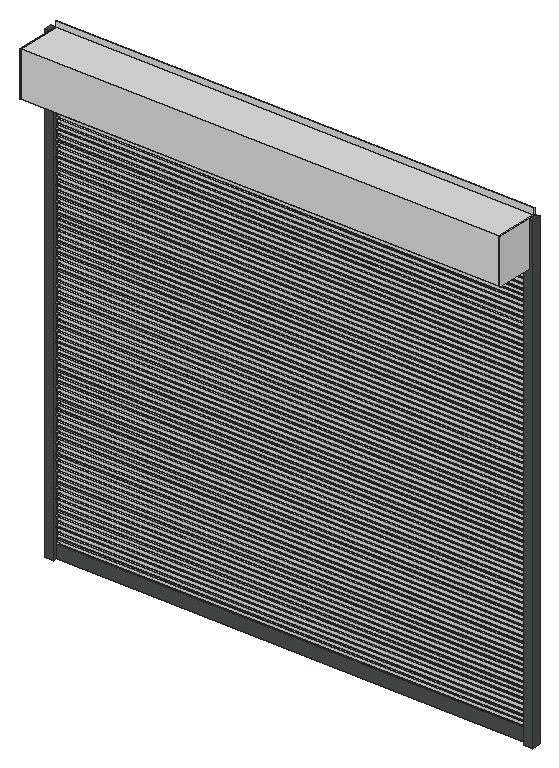
Revit family "Counter-Doors_OHD_Model-652_compact", category Specialty Equipment, host Wall, Revit 2023
Family settings
  Host = Wall
  Round Connector Dimension = Use Diameter
  Part Type = Normal
  OmniClass Number = 23.30.10.21.34
  OmniClass Title = Industrial Doors
  Enable Cutting in Views = No
  Always vertical = Yes
  Cut with Voids When Loaded = Yes
  Maintain Annotation Orientation = No
  Shared = No
  Room Calculation Point = No
Parameters (values of type "‏​Manual push-up")
  Warning Sign [instance] = if(Calculated Area > 683.00 SF, 1 = 1, 1 = 2)  # no
  Warning (Note) [instance] = if(Warning Sign, "The Door Area is out of the limit; please adjust accordingly. The maximum allowed area is 683 sq. ft.", if(Opening Height > 360", "Headroom Clearance Dimensions - out of the limits. Consult Factory", " "))  # " "
  Wall Thickness [instance] = 6"
  Voltage = 0 V
  Version = "1.00.01"  # constant formula
  True Opening Width [instance] = if(Between Jambs Mounting, Door Width True, Clear Width)  # 120"
  True Opening Height [instance] = if(Between Jambs Mounting, Clear Height + Headroom Height, Clear Height)  # 108"
  Steel \ Stainless Steel Guide [instance] = not(Aluminum Guide)  # no
  Slat Type [instance] = "F-158"  # constant formula
  Slat Length [instance] = Clear Width + Setback  # 120 7/8"
  Slat Height [instance] = 10 41/128"  # constant formula
  Slat Center Offset [instance] = if(and(Electric Operator, Motor Option Real = 2), 1 1/16", if(Aluminum Guide, 1 1/16", 1 5/8"))  # 1 1/16"
  Slat [instance] = 1  # constant formula
  Setback [instance] = if(Between Jambs Mounting, if(and(Electric Operator, Motor Option Real = 2), 7/8" - 1/4", if(Aluminum Guide, 7/8" - 1/4", 1" - 3/8")), if(and(Electric Operator, Motor Option Real = 2), 7/8", if(Aluminum Guide, 7/8", 1")))  # 7/8"
  Product Page URL = "https://www.overheaddoor.com/counter-doors-652"
  Power Factor = 1
  Powder Coat (Note) = "PowderGuard® Premium powder coat finish options are available in approximately 200 colors as well as custom matching to specification. PowderGuard® Textured finish, a thicker, more scratch resistant coat, is available in 11 colors providing enhanced scratch resistance as well as aiding in hiding the dirt and blemishes that often occur in commercial environments.​"  # constant formula
  Operator Visibility = no
  Operation (Note) [instance] = "Standard door operation is manual push-up. Door could also operate by crank, electrical operator or chain hoist. Manual push up and crank could be used up to 80 sf."  # constant formula
  Opening Width Real [instance] = if(Opening Width > Max Opening Width, Max Opening Width, if(Opening Width < Min Opening Width, Min Opening Width, Opening Width))  # 120"
  Opening Width [instance] = 120"
  Opening Height Real [instance] = if(Opening Height > Max Opening Height, Max Opening Height, if(Opening Height < Min Opening Height, Min Opening Height, Opening Height))  # 108"
  Opening Height [instance] = 108"
  One Array element [instance] = not(Array Vis)  # no
  Number of Poles = 1
  Motor Type [instance] = if(Motor Option < 2, "CDX Electric Operator", if(Motor Option = 2, "RTM Electric Operator", "RSX Electric Operator"))  # "CDX Electric Operator"
  Motor Selection (Note) [instance] = "Generic operator shown. Contact Overhead Door when dimensions are critical. "  # constant formula
  Motor Position [instance] = if(Between Jambs Mounting, if(and(Electric Operator, Motor Option Real > 2), 2 177/256", Headplate Offset), if(and(Electric Operator, Motor Option Real > 2), 2 177/256", Headplate Offset))  # 1 5/8"
  Motor Option Real [instance] = if(Electric Operator, if(Motor Option < 1, 1, if(Motor Option > 3, 3, Motor Option)), 1)  # 1
  Motor Option [instance] = 1
  Min Opening Width [instance] = 40"  # constant formula
  Min Opening Height [instance] = 40"  # constant formula
  Max Opening Width [instance] = 240"  # constant formula
  Max Opening Height [instance] = 108"  # constant formula
  Material Finish [instance] = 652 : Standard - Clear
  Lookup Table = "Hood Dimensions"  # constant formula
  Lookup BD [instance] = if(or(Opening Height Real < 60", Opening Height Real = 60"), 9 1/2", 11 1/2")  # 11 1/2"
  Jambs Offset 2 [instance] = if(Between Jambs Mounting, Guide Width 2, 0")  # 0"
  Jamb Offset 1 [instance] = if(Between Jambs Mounting, Guide Width 1, 0")  # 0"
  Installation Real [instance] = if(Between Jambs Mounting, Installation Limits, Wall Thickness)  # 6"
  Installation Offset [instance] = 0"
  Installation Limits [instance] = if(Installation Offset < 0", 0", if(Installation Offset > Wall Thickness - Guide Depth, Wall Thickness - Guide Depth, Installation Offset))  # 0"
  Hood Type [instance] = "Square Hood"  # constant formula
  Hood Option [instance] = 2  # constant formula
  Hood Offset [instance] = 2"  # constant formula
  Hood Material [instance] = Aluminum - Overhead Door - Clear
  Hood Height [instance] = Headroom Height Real - Hood Offset  # 11 1/2"
  Lookup HH [instance] = if(or(Opening Height Real < 60", Opening Height Real = 60"), 9 1/2", 11 1/2")  # 11 1/2"
  Headroom Height Real [instance] = Lookup HH + Hood Offset  # 13 1/2"
  Headroom Height [instance] = if(Between Jambs Mounting, Headroom Height Real, Headroom Height Real + 1 1/2")  # 15"
  Headplate Offset [instance] = if(Guide Option = 1, 1 5/8", if(Guide Option = 2, 2 3/4", if(Guide Option = 3, 1 15/16", if(Guide Option = 4, 1 5/16", if(Guide Option = 5, 1 5/16", if(Guide Option = 6, 2 3/8", if(Guide Option = 7, 1 15/16", 2 7/16")))))))  # 1 5/8"
  Guide Type [instance] = if(Guide Option < 2, "Face of Wall Extruded Aluminum", if(Guide Option = 2, "Face of Wall Extruded Aluminum - RTM Electric Operator", if(Guide Option = 3, "Face of Wall Rolled Steel", if(Guide Option = 4, "Between Jambs Extruded Aluminum - Push Up", if(Guide Option = 5, "Between Jambs Extruded Aluminum - Crank & Electric Operator", if(Guide Option = 6, "Between Jambs Extruded Aluminum - RTM Electric Operator", if(Guide Option = 7, "Between Jambs Rolled Steel - Push-up", "Between Jambs Rolled Steel - Crank & Electric Operator")))))))  # "Face of Wall Extruded Aluminum"
  Guide Option [instance] = if(Face Of Wall Mounting, if(Aluminum Guide, if(and(Electric Operator, Motor Option = 2), 2, 1), if(and(Electric Operator, Motor Option = 2), 2, 3)), if(Aluminum Guide, if(Manual, 4, if(and(Electric Operator, Motor Option = 2), 6, 5)), if(Manual, 7, if(and(Electric Operator, Motor Option = 2), 6, 8))))  # 1
  Guide Width 2 [instance] = if(Guide Option < 2, 2 3/4", if(Guide Option = 2, 2 3/4", if(Guide Option = 3, 2 7/8", if(Guide Option = 4, 2 3/8", if(Guide Option = 5, 2 3/8", if(Guide Option = 6, 2 3/8", if(Guide Option = 7, 1 15/16", 1 15/16")))))))  # 2 3/4"
  Guide Width 1 [instance] = if(Guide Option < 2, 2 3/4", if(Guide Option = 2, 3 5/8", if(Guide Option = 3, 2 7/8", if(Guide Option = 4, 2 3/8", if(Guide Option = 5, 4 3/4", if(Guide Option = 6, 3 3/8", if(Guide Option = 7, 1 15/16", 5 5/8")))))))  # 2 3/4"
  Guide Depth [instance] = if(and(Electric Operator, Motor Option Real = 2), 2 1/8", if(Aluminum Guide, 2 1/8", 2"))  # 2 1/8"
  Frequency = 0 Hz
  Floor To CL shaft [instance] = Clear Height + Hood Height / 2 + Hood Offset  # 115 3/4"
  Face of Wall Offset [instance] = if(Between Jambs Mounting, 0", 5")  # 5"
  Face Of Wall Mounting [instance] = not(Between Jambs Mounting)  # yes
  Electric Operator = no
  Door Width True [instance] = if(Between Jambs Mounting, Clear Width + Guide Width 1 + Guide Width 2, Clear Width)  # 120"
  Door Width (Real) [instance] = if(Between Jambs Mounting, Clear Width, if(and(Electric Operator, Motor Option Real = 2), Clear Width + 3/8" * 2, if(Aluminum Guide, Clear Width + 3/8" * 2, Clear Width + 1" / 2)))  # 120 3/4"
  Door Height True [instance] = Clear Width + Headroom Height  # 135"
  Door Height (Real) [instance] = Clear Height + Hood Offset  # 110"
  URL = "https://www.overheaddoor.com/"
  Product data url = "https://www.bimobject.com/overhead-door/product/counter-doors-652"
  Product Guid = "70aadce8-ccdb-466b-b9f7-033da6aec193"
  Model = "652"  # constant formula
  Manufacturer = "Overhead Door Corporation"  # constant formula
  Wall Closure = By host
  Floor To (CL) of Shaft [instance] = Clear Height + Hood Height / 2 + Hood Offset + Default Elevation Height + Countertop Thickness Real  # 151 3/4"
  Finish Material = Finish - Overhead Door - Black
  Description = "Model 652 Rolling Counter Door"  # constant formula
  Default Elevation Height [instance] = 36"
  Default Elevation = 0"
  Date Updated = "2026/05/29"  # constant formula
  Crank = no
  Countertop Thickness Real [instance] = if(Countertop Thickness < 0", 0", if(Countertop Thickness > 12", 12", Countertop Thickness))  # 0"
  Countertop Thickness [instance] = 0"
  Clear Width [instance] = if(Between Jambs Mounting, Opening Width Real - Guide Width 2 - Guide Width 1, Opening Width Real)  # 120"
  Clear Height [instance] = if(Between Jambs Mounting, Opening Height Real - Headroom Height, Opening Height Real)  # 108"
  Manual = yes
  Current = 0 A
  Connector Array Distance = 0"  # constant formula
  Connector Array = if(Manual, 2, 3)  # 2
  BimObject_Variable_Connectors = "No"  # constant formula
  Between Jambs Mounting [instance] = no
  Bar [instance] = 1 = 1  # yes
  Backroom Depth [instance] = Lookup BD  # 11 1/2"
  BJ Opening Cut [instance] = if(Between Jambs Mounting, Headroom Height, 0")  # 0"
  Array Vis [instance] = if(Array < 2, 1 = 2, 1 = 1)  # yes
  Array Real [instance] = if(Array < 2, 2, Array)  # 11
  Array Length [instance] = (Array) * Slat Height  # 113 67/128"
  Array [instance] = rounddown(([Door Height (Real)] - 3 1/2") / Slat Height) + 1  # 11
  Calculated Area [instance] = [Door Width (Real)] * [Door Height (Real)]  # 92.2396 SF
  Apparent Load Phase 3 = if(Number of Poles = 1, 0 VA, (Voltage * Current * sqrt(3)) / 3)  # 0 VA
  Apparent Load Phase 2 = if(Number of Poles = 1, 0 VA, (Voltage * Current * sqrt(3)) / 3)  # 0 VA
  Apparent Load Phase 1 = if(Number of Poles = 1, Voltage * Current, (Voltage * Current * sqrt(3)) / 3)  # 0 VA
  Aluminum Guide [instance] = yes
Reference planes (in)
  plane 1 "Center (Front/Back)": y = -14.625
  plane 2 "Center (Left/Right)": x = 0
  plane 3 "Left": x = -60
  plane 4 "Right": x = 60
  plane 5 "Exterior": y = -8.625
  plane 6 "Interior": y = -14.625
  plane 7: z = 144
  plane 8 "Backroom Depth": y = -26.125
  plane 9 "Bottom Bar": z = 39.5
  plane 10: z = 153.02344
  plane 11: z = 157.5
  plane 12: z = 146
  plane 13: z = 159
  plane 14: z = 0
  plane 15: z = 90
  plane 16: y = -15.9375
  plane 17: y = 18.375
  plane 18: y = -41.625
  plane 19 "Headroom Top": z = 159
  plane 20: z = 151.75
  plane 21: z = 142.70312
  plane 22: z = 36
  plane 23: x = 62.75
  plane 24: x = -62.75
  plane 25: y = -15.6875
  plane 26: x = 61.625
  plane 27: z = 36
  plane 28: z = 39.5
  plane 29: y = -15.9375
  plane 30: z = 142.70312
  plane 31: y = -15.9375
  plane 32: z = 49.82031
  plane 33: y = -15.9375
  plane 34: z = 60.14062
  plane 35: y = -15.9375
  plane 36: z = 70.46094
  plane 37: y = -15.9375
  plane 38: z = 80.78125
  plane 39: y = -15.9375
  plane 40: z = 91.10156
  plane 41: y = -15.9375
  plane 42: z = 101.42187
  plane 43: y = -15.9375
  plane 44: z = 111.74219
  plane 45: y = -15.9375
  plane 46: z = 122.0625
  plane 47: y = -15.9375
  plane 48: z = 132.38281
  plane 49: y = -15.9375
Forms (in)
  Extrusion 1, void
    sketch origin (0, -20.625, 0) x (0, 0, -1) y (-1, 0, 0)
      loop
        line (-144, 60) -> (-144, -60) -> (-36, -60) -> (-36, 60) -> (-144, 60)
    from 6 to 12
Text (in)
  text "Exterior" at (-74.96733, 27.31104, 0), in view "Ref. Level"
  text "Interior" at (-74.96733, -25.14366, 0), in view "Ref. Level"
  text "Exterior" at (0, 40.15149, 123.01588), in view "Right"
  text "Interior" at (0, -64.39139, 123.01588), in view "Right"
  text "Interior" at (0, -31.01599, 123.00693), in view "Left"
  text "Exterior" at (0, 54.57065, 123.00693), in view "Left"
Dimensions and locks (in)
  equal spacing: plane 3 "Left", plane 2 "Center (Left/Right)", plane 4 "Right"
  "Clear Width": plane 3 "Left" to plane 4 "Right"
  level to host wall = 459.59655"
  "Array Length": plane 10 to plane 9 "Bottom Bar"
  "Backroom Depth": plane 8 "Backroom Depth" to plane 1 "Center (Front/Back)"
  "Hood Height": plane 11 to plane 12
  locked: plane 13 to plane 11 at 1.5
  "Installation Real": plane 1 "Center (Front/Back)" to plane 5 "Exterior"
  "Wall Thickness": host wall to host wall
  equal spacing: plane 17, host wall, plane 18
  locked: plane 17 to plane 18 at 60
  "BJ Opening Cut": Extrusion 1 sketch curve to plane 7
  "Hood Offset": plane 12 to plane 7
  "Headroom Height": plane 19 "Headroom Top" to plane 7
  "Floor To (CL) of Shaft": plane 20 to level
  "Jamb Offset 1": plane 4 "Right" to Extrusion 1 sketch curve
  "Jambs Offset 2": Extrusion 1 sketch curve to plane 3 "Left"
  "Slat Height": plane 10 to plane 21
  equal spacing: group 1, group 3, group 4, group 5, group 6, group 7, group 8, group 9, group 10, group 11, group 2  (x3)
  equal spacing: plane 7, plane 15, plane 22
  "Clear Height": plane 7 to plane 22
  locked: plane 9 "Bottom Bar" to plane 22 at 3.5
  "Guide Width 1": plane 4 "Right" to plane 23
  "Guide Width 2": plane 24 to plane 3 "Left"
  plane 24 to plane 23 = 125 1/2"
  "Slat Center Offset": plane 25 to plane 1 "Center (Front/Back)"
  locked: plane 16 to plane 25 at 0.25
  "Motor Position": plane 4 "Right" to plane 26
  "Default Elevation Height": plane 27 to plane 14
  "Countertop Thickness Real": plane 22 to plane 27
  aligned and locked: plane 5 "Exterior" to host wall
  aligned and locked: host wall to plane 6 "Interior"
  aligned and locked: Extrusion 1 to plane 5 "Exterior"
  aligned and locked: Extrusion 1 to plane 6 "Interior"
  aligned and locked: level to plane 14
  aligned and locked: plane 2 "Center (Left/Right)" to nested 1
  aligned and locked: nested 1 to plane 17
  aligned and locked: plane 18 to nested 2
  aligned and locked: nested 2 to plane 2 "Center (Left/Right)"
  aligned and locked: nested 3 to plane 15
  aligned and locked: plane 2 "Center (Left/Right)" to nested 3
  aligned and locked: plane 9 "Bottom Bar" to nested 5
  aligned and locked: nested 5 to plane 16
  aligned and locked: nested 3 to plane 16
  aligned and locked: plane 2 "Center (Left/Right)" to nested 15
  aligned and locked: plane 1 "Center (Front/Back)" to nested 15
  aligned and locked: plane 26 to nested 16
  aligned and locked: plane 11 to nested 16
  aligned and locked: nested 16 to plane 5 "Exterior"
  aligned and locked: Extrusion 1 sketch curve to plane 27
  aligned and locked: plane 9 "Bottom Bar" to plane 28
  aligned and locked: plane 29 to plane 16
  aligned and locked: plane 21 to plane 30
  aligned and locked: plane 31 to plane 16
Nested families (in)
  nested 1: "Label Annotation 1" at (0, 18.375, 0), visible <- "Warning Sign", type "Label Annotation 1"
  nested 2: "Label Annotation 1" at (0, -41.625, 0) x (-1, 0, 0) z (0, 0, 1), visible <- "Warning Sign", type "Label Annotation 1"
  nested 3: "Warning Sign" at (0, -15.9375, 90), visible <- "Warning Sign", type "Warning Sign"
    with Warning Sign no
  nested 4: "652" at (0, -15.9373, 39.5), Opening Width <- "Slat Length", type <- "Material Finish", visible <- "Array Vis", type "Standard - Clear"
    with Void Offset 1", Void Height 1", Slat Width 1/2", Slat Position + Offset 9.57", Slat Position 9.03", Slat Option 1, Opening Width 120 7/8", Integrated Cutout no, F-158 yes, F 265, FE 265 no, Cutout Width Offset 1", Cutout Vertical Offset 0.54", Cutout Horizontal Offset 1", C 275 no, Standard yes
  nested 5: "652" at (0, -15.9375, 39.5), visible <- "One Array element", Opening Width <- "Slat Length", type <- "Material Finish", type "Standard - Clear"
    with Void Offset 1", Void Height 1", Slat Width 1/2", Slat Position + Offset 9.57", Slat Position 9.03", Slat Option 1, Opening Width 120 7/8", Integrated Cutout no, F-158 yes, F 265, FE 265 no, Cutout Width Offset 1", Cutout Vertical Offset 0.54", Cutout Horizontal Offset 1", C 275 no, Standard yes
  nested 6: "652" at (0, -15.9373, 142.70312), Opening Width <- "Slat Length", type <- "Material Finish", visible <- "Array Vis", type "Standard - Clear"
    with Void Offset 1", Void Height 1", Slat Width 1/2", Slat Position + Offset 9.57", Slat Position 9.03", Slat Option 1, Opening Width 120 7/8", Integrated Cutout no, F-158 yes, F 265, FE 265 no, Cutout Width Offset 1", Cutout Vertical Offset 0.54", Cutout Horizontal Offset 1", C 275 no, Standard yes
  nested 7: "652" at (0, -15.9373, 49.82031), Opening Width <- "Slat Length", type <- "Material Finish", visible <- "Array Vis", type "Standard - Clear"
    with Void Offset 1", Void Height 1", Slat Width 1/2", Slat Position + Offset 9.57", Slat Position 9.03", Slat Option 1, Opening Width 120 7/8", Integrated Cutout no, F-158 yes, F 265, FE 265 no, Cutout Width Offset 1", Cutout Vertical Offset 0.54", Cutout Horizontal Offset 1", C 275 no, Standard yes
  nested 8: "652" at (0, -15.9373, 60.14062), Opening Width <- "Slat Length", type <- "Material Finish", visible <- "Array Vis", type "Standard - Clear"
    with Void Offset 1", Void Height 1", Slat Width 1/2", Slat Position + Offset 9.57", Slat Position 9.03", Slat Option 1, Opening Width 120 7/8", Integrated Cutout no, F-158 yes, F 265, FE 265 no, Cutout Width Offset 1", Cutout Vertical Offset 0.54", Cutout Horizontal Offset 1", C 275 no, Standard yes
  nested 9: "652" at (0, -15.9373, 70.46094), Opening Width <- "Slat Length", type <- "Material Finish", visible <- "Array Vis", type "Standard - Clear"
    with Void Offset 1", Void Height 1", Slat Width 1/2", Slat Position + Offset 9.57", Slat Position 9.03", Slat Option 1, Opening Width 120 7/8", Integrated Cutout no, F-158 yes, F 265, FE 265 no, Cutout Width Offset 1", Cutout Vertical Offset 0.54", Cutout Horizontal Offset 1", C 275 no, Standard yes
  nested 10: "652" at (0, -15.9373, 80.78125), Opening Width <- "Slat Length", type <- "Material Finish", visible <- "Array Vis", type "Standard - Clear"
    with Void Offset 1", Void Height 1", Slat Width 1/2", Slat Position + Offset 9.57", Slat Position 9.03", Slat Option 1, Opening Width 120 7/8", Integrated Cutout no, F-158 yes, F 265, FE 265 no, Cutout Width Offset 1", Cutout Vertical Offset 0.54", Cutout Horizontal Offset 1", C 275 no, Standard yes
  nested 11: "652" at (0, -15.9373, 91.10156), Opening Width <- "Slat Length", type <- "Material Finish", visible <- "Array Vis", type "Standard - Clear"
    with Void Offset 1", Void Height 1", Slat Width 1/2", Slat Position + Offset 9.57", Slat Position 9.03", Slat Option 1, Opening Width 120 7/8", Integrated Cutout no, F-158 yes, F 265, FE 265 no, Cutout Width Offset 1", Cutout Vertical Offset 0.54", Cutout Horizontal Offset 1", C 275 no, Standard yes
  nested 12: "652" at (0, -15.9373, 101.42187), Opening Width <- "Slat Length", type <- "Material Finish", visible <- "Array Vis", type "Standard - Clear"
    with Void Offset 1", Void Height 1", Slat Width 1/2", Slat Position + Offset 9.57", Slat Position 9.03", Slat Option 1, Opening Width 120 7/8", Integrated Cutout no, F-158 yes, F 265, FE 265 no, Cutout Width Offset 1", Cutout Vertical Offset 0.54", Cutout Horizontal Offset 1", C 275 no, Standard yes
  nested 13: "652" at (0, -15.9373, 111.74219), Opening Width <- "Slat Length", type <- "Material Finish", visible <- "Array Vis", type "Standard - Clear"
    with Void Offset 1", Void Height 1", Slat Width 1/2", Slat Position + Offset 9.57", Slat Position 9.03", Slat Option 1, Opening Width 120 7/8", Integrated Cutout no, F-158 yes, F 265, FE 265 no, Cutout Width Offset 1", Cutout Vertical Offset 0.54", Cutout Horizontal Offset 1", C 275 no, Standard yes
  nested 14: "652" at (0, -15.9373, 122.0625), Opening Width <- "Slat Length", type <- "Material Finish", visible <- "Array Vis", type "Standard - Clear"
    with Void Offset 1", Void Height 1", Slat Width 1/2", Slat Position + Offset 9.57", Slat Position 9.03", Slat Option 1, Opening Width 120 7/8", Integrated Cutout no, F-158 yes, F 265, FE 265 no, Cutout Width Offset 1", Cutout Vertical Offset 0.54", Cutout Horizontal Offset 1", C 275 no, Standard yes
  nested 15: "Lifts" at (0, -14.625, 36) x (-1, 0, 0) z (0, 0, 1), type "Frame Unit"
    with Floor To (CL) of Shaft 115 3/4"
  nested 16: "Motor" at (58.6355, -26.125, 146), visible <- "Operator Visibility", type "Trolley Motor"
  nested 17: "652" at (0, -15.9373, 132.38281), Opening Width <- "Slat Length", type <- "Material Finish", visible <- "Array Vis", type "Standard - Clear"
    with Void Offset 1", Void Height 1", Slat Width 1/2", Slat Position + Offset 9.57", Slat Position 9.03", Slat Option 1, Opening Width 120 7/8", Integrated Cutout no, F-158 yes, F 265, FE 265 no, Cutout Width Offset 1", Cutout Vertical Offset 0.54", Cutout Horizontal Offset 1", C 275 no, Standard yes
Connectors (in)
  electrical at (61.625, -20.375, 151.75), driven by "Apparent Load Phase 1", driven by "Power Factor", driven by "Apparent Load Phase 3", driven by "Apparent Load Phase 2", driven by "Voltage", driven by "Number of Poles"
    settings: on nested 16, index 1, voltage 0 V, apparent load 0 VA, apparent load phase1 0 VA, apparent load phase2 0 VA, apparent load phase3 0 VA, power factor 1, load classification "Other", number of poles 1, system type 31, power factor state 1, is connector primary yes, connector utility no, sub classification motor no, connector description "Electrical Connector"
Definition of nested family "652"
  Parameters (values of type "Perforated - Gray")
    Void Offset [instance] = if(Integrated Cutout, 0", 1")  # 1"
    Void Height [instance] = 1"  # constant formula
    Standard = no
    Slat Width [instance] = 1/2"  # constant formula
    Slat Position + Offset [instance] = Slat Position + Cutout Vertical Offset  # 9.57"
    Slat Position [instance] = 1.29" * 7  # 9.03"
    Slat Option [instance] = 1
    Rough Height = 0"
    Perforation = no
    Fenestration Small = no
    Fenestration Large = 1 = 2  # no
    Cutout Width Offset [instance] = 1"  # constant formula
    Cutout Material 2 = none
    Cutout Horizontal Offset [instance] = 1"  # constant formula
    Cutout Material = none
    Panel Material = none
    Opening Width [instance] = 123 5/8"
    Cutout Vertical Offset [instance] = 0.54"  # constant formula
    F 265, FE 265 [instance] = 1 = 2  # no
    Default Elevation = 48"
    Integrated Cutout [instance] = if(or(Perforation, Fenestration Small), 1 = 1, 1 = 2)  # no
    C 275 [instance] = 1 = 2  # no
    F-158 [instance] = 1 = 1  # yes
    Analytic Construction = "<None>"
  Types (7): name | Void Offset | Standard | Fenestration Small | Integrated Cutout
    Standard - Tan | 1" | yes | no | no
    Standard - Gray | 1" | yes | no | no
    Perforated - Gray | 1" | no | no | no
    Fenestration 0.625”x3” - Gray | 0" | no | yes | yes
    Fenestration 0.625”x3” - Tan | 0" | no | yes | yes
    Vision lites 0.625”x3” - Tan | 0" | no | yes | yes
    Vision lites 0.625”x3” - Gray | 0" | no | yes | yes
  Reference planes (in)
    plane 1 "Center (Front/Back)": y = 0
    plane 2: z = 0
    plane 3 "Center (Left/Right)": x = 0
    plane 4: x = -61.8125
    plane 5: x = 61.8125
    plane 6: y = 0.5
    plane 7: y = 0
    plane 8: y = 0.25
    plane 9: y = 0.47
    plane 10: x = -60.8125
    plane 11: x = 60.8125
  Forms (in)
    Extrusion 1, solid, material <- "Panel Material", visible <- "F-158"
      sketch origin (0, -4.98186, 13.12534) x (0, 1, 0) y (0, 0, 1)
        loop
          arc (5.40186, -13.23015) -> (5.45843, -13.20672) -> (5.48186, -13.15015) r 0.08
          line (5.48186, -13.15015) -> (5.48186, -12.01975)
          arc (5.48186, -12.01975) -> (5.45843, -11.96318) -> (5.40186, -11.94015) r 0.08
          arc (5.40186, -11.94015) -> (5.45843, -11.91672) -> (5.48186, -11.86015) r 0.08
          line (5.48186, -11.86015) -> (5.48186, -10.72975)
          arc (5.48186, -10.72975) -> (5.45843, -10.67318) -> (5.40186, -10.65015) r 0.08
          arc (5.40186, -10.65015) -> (5.45843, -10.62672) -> (5.48186, -10.57015) r 0.08
          line (5.48186, -10.57015) -> (5.48186, -9.43975)
          arc (5.48186, -9.43975) -> (5.45843, -9.38318) -> (5.40186, -9.36015) r 0.08
          arc (5.40186, -9.36015) -> (5.45843, -9.33672) -> (5.48186, -9.28015) r 0.08
          line (5.48186, -9.28015) -> (5.48186, -8.14975)
          arc (5.48186, -8.14975) -> (5.45843, -8.09318) -> (5.40186, -8.07015) r 0.08
          arc (5.40186, -8.07015) -> (5.45843, -8.04672) -> (5.48186, -7.99015) r 0.08
          line (5.48186, -7.99015) -> (5.48186, -6.85975)
          arc (5.48186, -6.85975) -> (5.45843, -6.80318) -> (5.40186, -6.78015) r 0.08
          arc (5.40186, -6.78015) -> (5.45843, -6.75672) -> (5.48186, -6.70015) r 0.08
          line (5.48186, -6.70015) -> (5.48186, -5.56975)
          arc (5.48186, -5.56975) -> (5.45843, -5.51318) -> (5.40186, -5.49015) r 0.08
          arc (5.40186, -5.49015) -> (5.45843, -5.46672) -> (5.48186, -5.41015) r 0.08
          line (5.48186, -5.41015) -> (5.48186, -4.27975)
          arc (5.48186, -4.27975) -> (5.45843, -4.22318) -> (5.40186, -4.20015) r 0.08
          arc (5.40186, -4.20015) -> (5.45843, -4.17672) -> (5.48186, -4.12015) r 0.08
          line (5.48186, -4.12015) -> (5.48186, -2.98975)
          arc (5.48186, -2.98975) -> (5.45843, -2.93318) -> (5.40186, -2.90975) r 0.08
          line (5.40186, -2.90975) -> (5.22937, -2.90975)
          arc (5.22937, -2.90975) -> (5.05999, -2.70129) -> (5.06854, -2.96975) r 0.14173
          line (5.06854, -2.96975) -> (5.38631, -2.96975)
          arc (5.38631, -2.96975) -> (5.41145, -2.98016) -> (5.42186, -3.0053) r 0.03555
          line (5.42186, -3.0053) -> (5.42186, -4.11914)
          arc (5.42186, -4.11914) -> (5.41437, -4.13549) -> (5.39767, -4.14216) r 0.02421
          line (5.39767, -4.14216) -> (5.18922, -4.14216)
          arc (5.18922, -4.14216) -> (4.99446, -4.11507) -> (5.12739, -4.25997) r 0.10448
          line (5.12739, -4.25997) -> (5.40191, -4.25997)
          arc (5.40191, -4.25997) -> (5.41598, -4.26579) -> (5.4218, -4.27986) r 0.01989
          line (5.4218, -4.27986) -> (5.4218, -5.41015)
          arc (5.4218, -5.41015) -> (5.41596, -5.42428) -> (5.40183, -5.43013) r 0.01997
          line (5.40183, -5.43013) -> (5.18937, -5.43013)
          arc (5.18937, -5.43013) -> (4.99364, -5.40454) -> (5.12735, -5.54975) r 0.105
          line (5.12735, -5.54975) -> (5.40186, -5.54975)
          arc (5.40186, -5.54975) -> (5.416, -5.55561) -> (5.42186, -5.56975) r 0.02
          line (5.42186, -5.56975) -> (5.42186, -6.70015)
          arc (5.42186, -6.70015) -> (5.416, -6.71429) -> (5.40186, -6.72015) r 0.02
          line (5.40186, -6.72015) -> (5.18937, -6.72015)
          arc (5.18937, -6.72015) -> (4.99365, -6.69454) -> (5.12735, -6.83975) r 0.105
          line (5.12735, -6.83975) -> (5.40186, -6.83975)
          arc (5.40186, -6.83975) -> (5.416, -6.84561) -> (5.42186, -6.85975) r 0.02
          line (5.42186, -6.85975) -> (5.42186, -7.99015)
          arc (5.42186, -7.99015) -> (5.416, -8.00429) -> (5.40186, -8.01015) r 0.02
          line (5.40186, -8.01015) -> (5.18937, -8.01015)
          arc (5.18937, -8.01015) -> (4.99364, -7.98454) -> (5.12735, -8.12975) r 0.105
          line (5.12735, -8.12975) -> (5.40186, -8.12975)
          arc (5.40186, -8.12975) -> (5.416, -8.13561) -> (5.42186, -8.14975) r 0.02
          line (5.42186, -8.14975) -> (5.42186, -9.28015)
          arc (5.42186, -9.28015) -> (5.416, -9.29429) -> (5.40186, -9.30015) r 0.02
          line (5.40186, -9.30015) -> (5.18937, -9.30015)
          arc (5.18937, -9.30015) -> (4.99364, -9.27454) -> (5.12735, -9.41975) r 0.105
          line (5.12735, -9.41975) -> (5.40186, -9.41975)
          arc (5.40186, -9.41975) -> (5.416, -9.42561) -> (5.42186, -9.43975) r 0.02
          line (5.42186, -9.43975) -> (5.42186, -10.57015)
          arc (5.42186, -10.57015) -> (5.416, -10.58429) -> (5.40186, -10.59015) r 0.02
          line (5.40186, -10.59015) -> (5.18937, -10.59015)
          arc (5.18937, -10.59015) -> (4.99364, -10.56454) -> (5.12735, -10.70975) r 0.105
          line (5.12735, -10.70975) -> (5.40186, -10.70975)
          arc (5.40186, -10.70975) -> (5.416, -10.71561) -> (5.42186, -10.72975) r 0.02
          line (5.42186, -10.72975) -> (5.42186, -11.86015)
          arc (5.42186, -11.86015) -> (5.416, -11.87429) -> (5.40186, -11.88015) r 0.02
          line (5.40186, -11.88015) -> (5.18937, -11.88015)
          arc (5.18937, -11.88015) -> (4.99364, -11.85454) -> (5.12735, -11.99975) r 0.105
          line (5.12735, -11.99975) -> (5.40186, -11.99975)
          arc (5.40186, -11.99975) -> (5.416, -12.00561) -> (5.42186, -12.01975) r 0.02
          line (5.42186, -12.01975) -> (5.42186, -13.15015)
          arc (5.42186, -13.15015) -> (5.416, -13.16429) -> (5.40186, -13.17015) r 0.02
          line (5.40186, -13.17015) -> (5.18153, -13.17015)
          arc (5.18153, -13.17015) -> (5.03054, -13.03641) -> (5.08666, -13.23015) r 0.105
          line (5.08666, -13.23015) -> (5.40186, -13.23015)
      from -61.8125 to 61.8125
    Extrusion 2, void
      sketch origin (0, 0, 0) x (0, 1, 0) y (0, 0, 1)
        loop
          line (1.44, 1.04) -> (1.44, 0.04) -> (1.5, 0.04) -> (1.5, 1.04) -> (1.44, 1.04)
        loop
          line (1.44, 2.33) -> (1.44, 1.33) -> (1.5, 1.33) -> (1.5, 2.33) -> (1.44, 2.33)
        loop
          line (1.44, 3.62) -> (1.44, 2.62) -> (1.5, 2.62) -> (1.5, 3.62) -> (1.44, 3.62)
        loop
          line (1.44, 4.91) -> (1.44, 3.91) -> (1.5, 3.91) -> (1.5, 4.91) -> (1.44, 4.91)
        loop
          line (1.44, 6.2) -> (1.44, 5.2) -> (1.5, 5.2) -> (1.5, 6.2) -> (1.44, 6.2)
        loop
          line (1.44, 7.49) -> (1.44, 6.49) -> (1.5, 6.49) -> (1.5, 7.49) -> (1.44, 7.49)
        loop
          line (1.44, 8.78) -> (1.44, 7.78) -> (1.5, 7.78) -> (1.5, 8.78) -> (1.44, 8.78)
        loop
          line (1.44, 10.07) -> (1.44, 9.07) -> (1.5, 9.07) -> (1.5, 10.07) -> (1.44, 10.07)
      from -60.8125 to 60.8125
  Cuts and joins
    Extrusion 2 cuts Extrusion 1
  Lines and regions (in)
    reference lines
      curve 1: line (0, -4.98186, 12.78) -> (0, 9.9577, 12.78)
      curve 2: line (0, -2.86663, 9.57) -> (0, 7.60337, 9.57)
      curve 3: line (0, -2.86663, 5.7) -> (0, 7.60337, 5.7)
      curve 4: line (0, -2.86663, 4.41) -> (0, 7.60337, 4.41)
      curve 5: line (0, -2.86663, 3.12) -> (0, 7.60337, 3.12)
      curve 6: line (0, -2.86663, 0.54) -> (0, 7.60337, 0.54)
      curve 7: line (0, -2.86663, 1.83) -> (0, 7.60337, 1.83)
      curve 8: line (0, -2.86663, 6.99) -> (0, 7.60337, 6.99)
      curve 9: line (0, -2.86663, 8.28) -> (0, 7.60337, 8.28)
  Dimensions and locks (in)
    equal spacing: plane 4, plane 3 "Center (Left/Right)", plane 5
    "Opening Width": plane 4 to plane 5
    "Slat Width": plane 1 "Center (Front/Back)" to plane 6
    equal spacing: plane 1 "Center (Front/Back)", plane 8, plane 6
    locked: plane 9 to plane 6 at 0.03
    "Cutout Width Offset": plane 4 to plane 10
    "Cutout Width Offset": plane 5 to plane 11
    "Void Height": Extrusion 2 sketch curve to Extrusion 2 sketch curve  (x8)
    locked: Extrusion 2 sketch curve to Extrusion 2 sketch curve at 0.06  (x8)
    "Void Offset": plane 6 to Extrusion 2 sketch curve
    locked: curve 1 to level at 12.78
    "Slat Position": curve 6 to curve 2
    equal spacing: Extrusion 2 sketch curve, curve 3, Extrusion 2 sketch curve
    equal spacing: Extrusion 2 sketch curve, curve 4, Extrusion 2 sketch curve
    equal spacing: Extrusion 2 sketch curve, curve 6, Extrusion 2 sketch curve
    equal spacing: Extrusion 2 sketch curve, curve 5, Extrusion 2 sketch curve
    equal spacing: Extrusion 2 sketch curve, curve 7, Extrusion 2 sketch curve
    "Cutout Vertical Offset": curve 6 to plane 2
    equal spacing: curve 6, curve 7, curve 5, curve 4, curve 3, curve 8, curve 9, curve 2
    equal spacing: Extrusion 2 sketch curve, curve 9, Extrusion 2 sketch curve
    equal spacing: Extrusion 2 sketch curve, curve 8, Extrusion 2 sketch curve
    equal spacing: Extrusion 2 sketch curve, curve 2, Extrusion 2 sketch curve
    aligned and locked: plane 2 to level
    aligned and locked: plane 1 "Center (Front/Back)" to plane 7
    aligned and locked: plane 5 to Extrusion 1
    aligned and locked: plane 4 to Extrusion 1
    aligned and locked: plane 9 to nested 1
    aligned and locked: plane 3 "Center (Left/Right)" to nested 1
    aligned and locked: Extrusion 2 sketch curve to Extrusion 2 sketch curve  (x7)
    aligned and locked: plane 10 to Extrusion 2
    aligned and locked: plane 11 to Extrusion 2
    aligned and locked: plane 3 "Center (Left/Right)" to nested 2
    aligned and locked: plane 3 "Center (Left/Right)" to nested 3
    aligned and locked: plane 3 "Center (Left/Right)" to nested 4
    aligned and locked: plane 3 "Center (Left/Right)" to nested 5
    aligned and locked: plane 9 to nested 2
    aligned and locked: plane 9 to nested 3
    aligned and locked: plane 9 to nested 4
    aligned and locked: plane 9 to nested 5
    aligned and locked: plane 9 to nested 6
    aligned and locked: plane 9 to nested 7
    aligned and locked: plane 9 to nested 8
    aligned and locked: nested 8 to curve 2
    aligned and locked: nested 7 to curve 9
    aligned and locked: nested 6 to curve 8
    aligned and locked: plane 3 "Center (Left/Right)" to nested 8
    aligned and locked: plane 3 "Center (Left/Right)" to nested 7
    aligned and locked: plane 3 "Center (Left/Right)" to nested 6
  Automatic sketch dimensions
    plane 1 "Center (Front/Back)" to curve 1 = 4.98186"
    plane 1 "Center (Front/Back)" to curve 9 = 2.86663"
    curve 2 to curve 9 = 0"
    plane 1 "Center (Front/Back)" to curve 7 = 2.86663"
    curve 3 to curve 9 = 0"
    curve 6 to curve 7 = 0"
    curve 4 to curve 3 = 0"  (x2)
    curve 8 to curve 3 = 0"  (x2)
    curve 5 to curve 4 = 0"  (x2)
    curve 3 to plane 6 = 7.10337"
    curve 6 to curve 3 = 0"
    curve 2 to curve 3 = 0"
    curve 7 to curve 6 = 0"
    curve 9 to curve 8 = 0"
    curve 2 to curve 1 = 2.35433"
    Extrusion 1 sketch curve to Extrusion 1 sketch curve = 0"  (x30)
    Extrusion 1 sketch curve to plane 6 = 0"  (x8)
    plane 9 to Extrusion 1 sketch curve = 0.03"  (x7)
    plane 9 to Extrusion 1 sketch curve = 0.03006"
    Extrusion 1 sketch curve to Extrusion 1 sketch curve = 0.02419"
    Extrusion 1 sketch curve to Extrusion 1 sketch curve = 0.01989"
    Extrusion 1 sketch curve to Extrusion 1 sketch curve = 0.02"  (x11)
    plane 9 to Extrusion 1 sketch curve = 0.05"  (x2)
    Extrusion 1 sketch curve to Extrusion 1 sketch curve = 0.00419"
    Extrusion 1 sketch curve to Extrusion 1 sketch curve = 0.00005"
    Extrusion 1 sketch curve to Extrusion 1 sketch curve = 0.01994"
    Extrusion 1 sketch curve to Extrusion 1 sketch curve = 0.00003"
    Extrusion 1 sketch curve to Extrusion 1 sketch curve = 0.01555"  (x2)
    plane 8 to Extrusion 1 sketch curve = 0.04249"  (x6)
    plane 8 to Extrusion 1 sketch curve = 0.04264"
    plane 8 to Extrusion 1 sketch curve = 0.05033"
    plane 8 to Extrusion 1 sketch curve = 0.10447"
    plane 8 to Extrusion 1 sketch curve = 0.10451"  (x6)
    Extrusion 1 sketch curve to Extrusion 1 sketch curve = 0.04042"
    Extrusion 1 sketch curve to plane 1 "Center (Front/Back)" = 0.105"  (x4)
    Extrusion 1 sketch curve to Extrusion 1 sketch curve = 0.04049"
    Extrusion 1 sketch curve to Extrusion 1 sketch curve = 0.10251"
    level to Extrusion 1 sketch curve = 0.0002"
    Extrusion 1 sketch curve to plane 1 "Center (Front/Back)" = 0.1048"
    level to Extrusion 1 sketch curve = 1.10559"
    Extrusion 1 sketch curve to Extrusion 1 sketch curve = 0.09688"  (x6)
    Extrusion 1 sketch curve to Extrusion 1 sketch curve = 1.13039"  (x5)
    Extrusion 1 sketch curve to Extrusion 1 sketch curve = 0.01997"
    Extrusion 1 sketch curve to Extrusion 1 sketch curve = 1.13029"
    Extrusion 1 sketch curve to Extrusion 1 sketch curve = 0.00011"
    Extrusion 1 sketch curve to Extrusion 1 sketch curve = 0.09634"
    Extrusion 1 sketch curve to Extrusion 1 sketch curve = 0.02202"
    Extrusion 1 sketch curve to Extrusion 1 sketch curve = 0.001"
    Extrusion 1 sketch curve to Extrusion 1 sketch curve = 1.11265"
    Extrusion 1 sketch curve to Extrusion 1 sketch curve = 0.07567"
    plane 8 to Extrusion 1 sketch curve = 0.00249"
    Extrusion 1 sketch curve to plane 1 "Center (Front/Back)" = 0.08668"
  Nested families (in)
    nested 1: "Perforation" at (0, 0.47, 0.54), visible <- "Integrated Cutout", type "Perforation"
      with Offset 1"
    nested 2: "Perforation" at (0, 0.47, 1.83), visible <- "Integrated Cutout", type "Perforation"
      with Offset 1"
    nested 3: "Perforation" at (0, 0.47, 3.12), visible <- "Integrated Cutout", type "Perforation"
      with Offset 1"
    nested 4: "Perforation" at (0, 0.47, 4.41), visible <- "Integrated Cutout", type "Perforation"
      with Offset 1"
    nested 5: "Perforation" at (0, 0.47, 5.7), visible <- "Integrated Cutout", type "Perforation"
      with Offset 1"
    nested 6: "Perforation" at (0, 0.47, 6.99), visible <- "Integrated Cutout", type "Perforation"
      with Offset 1"
    nested 7: "Perforation" at (0, 0.47, 8.28), visible <- "Integrated Cutout", type "Perforation"
      with Offset 1"
    nested 8: "Perforation" at (0, 0.47, 9.57), visible <- "Integrated Cutout", type "Perforation"
      with Offset 1"
  Definition of nested family "Perforation"
    Parameters (values of type "Perforation")
      Perforation = none
      Opening Width = 123 5/8"
      Offset = 2"
      Height = 1"
      Default Elevation = 48"
    Reference planes (in)
      plane 1 "Center (Front/Back)": y = 0
      plane 2: z = 0
      plane 3 "Center (Left/Right)": x = 0
      plane 4: z = 0.5
      plane 5: z = -0.5
      plane 6: y = -0.03
      plane 7: y = 0.03
      plane 8: x = -61.8125
      plane 9: x = 61.8125
      plane 10: x = -59.8125
      plane 11: x = 59.8125
    Forms (in)
      Extrusion 1, solid, material <- "Perforation"
        sketch origin (0, -0.19, 0) x (0, 1, 0) y (0, 0, 1)
          loop
            line (0.16, 0.5) -> (0.16, -0.5) -> (0.22, -0.5) -> (0.22, 0.5) -> (0.16, 0.5)
        from -59.8125 to 59.8125
    Dimensions and locks (in)
      equal spacing: plane 4, level, plane 5
      "Height": plane 4 to plane 5
      equal spacing: plane 6, plane 1 "Center (Front/Back)", plane 7
      locked: plane 6 to plane 7 at 0.06
      "Opening Width": plane 8 to plane 9
      "Offset": plane 8 to plane 10
      "Offset": plane 9 to plane 11
      equal spacing: plane 8, plane 3 "Center (Left/Right)", plane 9
      aligned and locked: plane 2 to level
      aligned and locked: plane 4 to Extrusion 1
      aligned and locked: Extrusion 1 to plane 5
      aligned and locked: plane 6 to Extrusion 1
      aligned and locked: plane 7 to Extrusion 1
      aligned and locked: Extrusion 1 to plane 10
      aligned and locked: plane 11 to Extrusion 1
    Automatic sketch dimensions
      Extrusion 1 sketch curve to level = 1/2"
      plane 1 "Center (Front/Back)" to Extrusion 1 sketch curve = 0.03"
      Extrusion 1 sketch curve to plane 1 "Center (Front/Back)" = 0.03"
      plane 4 to Extrusion 1 sketch curve = 0"
Definition of nested family "Lifts"
  Parameters (values of type "Frame Unit")
    Wall Opening Offset = 2"  # constant formula
    Void Offset = if(Steel Guide Real, 0", 1/4")  # 1/4"
    Steel Guide Real = if(and(Electric Operator, Motor Option = 2), 1 = 2, Steel Guide)  # no
    Steel Guide = no
    Slat Center = if(Aluminum Guide Real, 1.063", 1 5/8")  # 1.063"
    Slat Material = none
    Rough Width = 0"
    Rough Height = 0"
    Rolled Setback = if(Between Jambs, 0", 1/4")  # 1/4"
    Rolled Guide Change = if(Guide Option = 8, 5 5/8", 1.938")  # 1.938"
    Opening Width = 120"
    Motor Type = if(Motor Option < 2, "CDX Operator", if(Motor Option = 2, "RTM Operator", if(Motor Option = 3, "RSX Operator", "RMX Operator")))  # "CDX Operator"
    Motor Option = 1
    Manual + Crank = if(or(Manual, Crank), 1 = 1, 1 = 2)  # yes
    Manual = yes
    Hood Material = none
    Headroom Height = 13 1/2"
    Headplate 2 Offset = if(Guide Option = 1, 1 5/8", if(Guide Option = 2, 1 5/8", if(Guide Option = 3, 1.938", if(Guide Option = 4, 1.313", if(Guide Option = 5, 1.313", if(Guide Option = 6, 1 1/2", if(Guide Option = 7, 1.938", 1.938")))))))  # 1 5/8"
    Headplate 1 Offset = if(Guide Option = 1, 1 5/8", if(Guide Option = 2, 2 3/4", if(Guide Option = 3, 1.938", if(Guide Option = 4, 1.313", if(Guide Option = 5, 1.313", if(Guide Option = 6, 2 3/8", if(Guide Option = 7, 1.938", 2.438")))))))  # 1 5/8"
    Header Width = 11 1/2"
    Opening Height = 108"
    Guide Type = if(Guide Option < 2, "Face to Wall Extruded Aluminum", if(Guide Option = 2, "Face to Wall Extruded Aluminum - RTM Operator", if(Guide Option = 3, "Face to Wall Rolled Steel", if(Guide Option = 4, "Between Jambs Extruded Aluminum - Push Up", if(Guide Option = 5, "Between Jambs Extruded Aluminum - Crank + Operator", if(Guide Option = 6, "Between Jambs Extruded Aluminum - RTM Operator", if(Guide Option = 7, "Between Jambs Rolled Steel - Push-up", "Between Jambs Rolled Steel - Crank + Operator")))))))  # "Face to Wall Extruded Aluminum"
    Guide Option = if(Face Of Wall Mounting, if(Aluminum Guide, if(and(Electric Operator, Motor Option = 2), 2, 1), if(and(Electric Operator, Motor Option = 2), 2, 3)), if(Aluminum Guide, if(Manual, 4, if(and(Electric Operator, Motor Option = 2), 6, 5)), if(Manual, 7, if(and(Electric Operator, Motor Option = 2), 6, 8))))  # 1
    Guide Offset 2 = if(Steel Guide Real, Rolled Setback + 1.938", Extruded Setback + Extruded SS)  # 2 3/4"
    Guide Offset 1 = if(Steel Guide Real, Rolled Setback + Rolled Guide Change, Extruded Setback + Extruded MS)  # 2 3/4"
    Floor To (CL) of Shaft [instance] = Opening Height + (Headroom Height + Wall Opening Offset) / 2  # 115 3/4"
    Finish Material = none
    Face Of Wall Mounting = not(Between Jambs)  # yes
    Extruded Setback = if(Between Jambs, 0", 3/8")  # 3/8"
    Extruded SS = 2 3/8"  # constant formula
    Extruded MS = if(Between Jambs, if(or(Guide Option = 2, Guide Option = 6), 3 3/8", if(Guide Option = 4, 2 3/8", 4 3/4")), if(or(Guide Option = 2, Guide Option = 6), 3 3/8", 2 3/8"))  # 2 3/8"
    Electric Operator = no
    Default Elevation = 48"
    Crank = no
    Bottom Bar = if(Between Jambs, if(Aluminum Guide Real, 7/8" - 1/4", 1" - 3/8"), if(Aluminum Guide Real, 7/8", 1"))  # 7/8"
    Between Jambs = no
    Bar = if(Between Jambs, 1 = 2, 1 = 1)  # yes
    BJ Position = 0"  # constant formula
    Aluminum Guide Real = if(and(Electric Operator, Motor Option = 2), 1 = 1, Aluminum Guide)  # yes
    Aluminum Guide = not(Steel Guide)  # yes
  Reference planes (in)
    plane 1 "Center (Front/Back)": y = 0
    plane 2: z = 0
    plane 3 "Center (Left/Right)": x = 0
    plane 4 "Opening Height": z = 108
    plane 5: z = 121.5
    plane 6: y = 11.5
    plane 7 "Real Opening 2": x = -60
    plane 8 "Real Opening 1": x = 60
    plane 9: z = 110
    plane 10 "Main": y = 0
    plane 11: z = 115.75
    plane 12 "Guide 2": x = 62.75
    plane 13 "Guide 1": x = -62.75
    plane 14: x = 60.875
    plane 15: x = -60.875
    plane 16 "Headplate": x = -61.625
    plane 17: x = 61.625
    plane 18 "Masking": z = 123
    plane 19: x = -61.375
    plane 20: x = 61.375
  Forms (in)
    Extrusion 1, solid, material <- "Finish Material"
      sketch origin (0, 1.063, -2.69619) x (0, 0, 1) y (0, -1, 0)
        loop
          line (6.19619, 0.25) -> (2.69619, 0.25) -> (2.69619, -0.25) -> (6.19619, -0.25) -> (6.19619, 0.25)
      from -60.875 to 60.875
    Extrusion 2, solid, material <- "Hood Material"
      sketch origin (0, 0, 108) x (-1, 0, 0) y (0, -1, 0)
        loop
          line (61.375, 0) -> (-61.375, 0) -> (-61.375, -11.5) -> (61.375, -11.5) -> (61.375, 0)
      from 2 to 13.5
    Extrusion 3, solid, material <- "Hood Material", visible <- "Bar"
      sketch origin (0, 1.063, -2.69619) x (0, 0, 1) y (0, -1, 0)
        loop
          line (125.69619, 1.063) -> (124.19619, 1.063) -> (124.19619, 0.813) -> (125.69619, 0.813) -> (125.69619, 1.063)
      from -61.375 to 61.375
    Extrusion 4, void
      sketch origin (0, 1.063, -2.69619) x (0, 0, 1) y (0, -1, 0)
        loop
          line (124.19619, 1.063) -> (112.69619, 1.063) -> (112.69619, -10.437) -> (124.19619, -10.437) -> (124.19619, 1.063)
      from -61.375 to 61.375
    Extrusion 5, solid, material <- "Hood Material"
      sketch origin (0, 1.063, -2.69619) x (0, 0, 1) y (0, -1, 0)
        loop
          line (124.19619, 1.063) -> (112.69619, 1.063) -> (112.69619, -10.437) -> (124.19619, -10.437) -> (124.19619, 1.063)
      from -61.625 to 61.625
    Extrusion 6, solid, material <- "Finish Material", visible <- "Steel Guide Real"
      sketch origin (0, 0, 0) x (1, 0, 0) y (0, 1, 0)
        loop
          line (62.1875, 2) -> (60.25, 2) -> (60.25, 1.875) -> (61, 1.875) -> (61, 1.375) -> (60.5, 1.375)
          arc (60.5, 1.375) -> (60.32322, 1.30178) -> (60.25, 1.125) r 0.25
          line (60.25, 1.125) -> (60.25, 0.25)
          arc (60.25, 0.25) -> (60.32322, 0.07322) -> (60.5, 0) r 0.25
          line (60.5, 0) -> (61.9375, 0)
          arc (61.9375, 0) -> (62.11428, 0.07322) -> (62.1875, 0.25) r 0.25
          line (62.1875, 0.25) -> (62.1875, 2)
        loop
          line (-62.188, 2) -> (-62.188, 0.25)
          arc (-62.188, 0.25) -> (-62.11478, 0.07322) -> (-61.938, 0) r 0.25
          line (-61.938, 0) -> (-60.5, 0)
          arc (-60.5, 0) -> (-60.32322, 0.07322) -> (-60.25, 0.25) r 0.25
          line (-60.25, 0.25) -> (-60.25, 1.125)
          arc (-60.25, 1.125) -> (-60.32322, 1.30178) -> (-60.5, 1.375) r 0.25
          line (-60.5, 1.375) -> (-61, 1.375) -> (-61, 1.875) -> (-60.25, 1.875) -> (-60.25, 2) -> (-62.188, 2)
      from 0 to 121.5
    Extrusion 7, solid, material <- "Finish Material", visible <- "Aluminum Guide Real"
      sketch origin (0, 0, 0) x (1, 0, 0) y (0, 1, 0)
        loop
          line (62.75, 0) -> (62.75, 2.125) -> (60.375, 2.125) -> (60.375, 1.5) -> (60.875, 1.5) -> (60.875, 0.625) -> (60.375, 0.625) -> (60.375, 0) -> (62.75, 0)
        loop
          line (-62.75, 0) -> (-60.375, 0) -> (-60.375, 0.625) -> (-60.875, 0.625) -> (-60.875, 1.5) -> (-60.375, 1.5) -> (-60.375, 2.125) -> (-62.75, 2.125) -> (-62.75, 0)
      from 0 to 121.5
    Extrusion 8, void
      sketch origin (0, 1.063, -2.69619) x (0, 0, 1) y (0, -1, 0)
        loop
          line (124.19619, 1.063) -> (112.69619, 1.063) -> (112.69619, -10.437) -> (124.19619, -10.437) -> (124.19619, 1.063)
      from -61.625 to 61.625
    Extrusion 9, void
      sketch origin (0, 0, 108) x (-1, 0, 0) y (0, -1, 0)
        loop
          line (-60.25, -2) -> (-60.25, -0.125) -> (-62.0625, -0.125) -> (-62.0625, -2) -> (-60.25, -2)
        loop
          line (60.25, -2) -> (62.063, -2) -> (62.063, -0.125) -> (60.25, -0.125) -> (60.25, -2)
      from 2 to 13.5
    Extrusion 10, void
      sketch origin (0, 0, 108) x (-1, 0, 0) y (0, -1, 0)
        loop
          line (-60.25, 0.125) -> (-60.25, 0.25) -> (-62.1875, 0.25) -> (-62.1875, 0.125) -> (-60.25, 0.125)
        loop
          line (60.25, 0.125) -> (62.188, 0.125) -> (62.188, 0.25) -> (60.25, 0.25) -> (60.25, 0.125)
      from 0 to 13.5
  Cuts and joins
    Extrusion 4, Extrusion 10 cuts Extrusion 5
    Extrusion 8 cuts Extrusion 7
    Extrusion 9 cuts Extrusion 6
    Extrusion 10 cuts Extrusion 2
  Lines and regions (in)
    Masking region 1
      outline origin (0, 0, 0) x (1, 0, 0) y (0, 1, 0)
        loop
          line (-61.625, 0) -> (61.625, 0) -> (61.625, 11.5) -> (-61.625, 11.5) -> (-61.625, 0)
    Masking region 2, visible <- "Steel Guide Real"
      outline origin (0, 0, 108) x (-1, 0, 0) y (0, -1, 0)
        loop
          line (-62.1875, -2) -> (-60.25, -2) -> (-60.25, -1.875) -> (-61, -1.875) -> (-61, -1.375) -> (-60.5, -1.375)
          arc (-60.5, -1.375) -> (-60.32322, -1.30178) -> (-60.25, -1.125) r 0.25
          line (-60.25, -1.125) -> (-60.25, -0.25)
          arc (-60.25, -0.25) -> (-60.32322, -0.07322) -> (-60.5, 0) r 0.25
          line (-60.5, 0) -> (-61.9375, 0)
          arc (-61.9375, 0) -> (-62.11428, -0.07322) -> (-62.1875, -0.25) r 0.25
          line (-62.1875, -0.25) -> (-62.1875, -2)
        loop
          line (60.25, -2) -> (62.188, -2) -> (62.188, -0.25)
          arc (62.188, -0.25) -> (62.11478, -0.07322) -> (61.938, 0) r 0.25
          line (61.938, 0) -> (60.5, 0)
          arc (60.5, 0) -> (60.32322, -0.07322) -> (60.25, -0.25) r 0.25
          line (60.25, -0.25) -> (60.25, -1.125)
          arc (60.25, -1.125) -> (60.32322, -1.30178) -> (60.5, -1.375) r 0.25
          line (60.5, -1.375) -> (61, -1.375) -> (61, -1.875) -> (60.25, -1.875) -> (60.25, -2)
    Masking region 3, visible <- "Aluminum Guide Real"
      outline origin (0, 0, 108) x (-1, 0, 0) y (0, -1, 0)
        loop
          line (60.375, -2.125) -> (62.75, -2.125) -> (62.75, 0) -> (60.375, 0) -> (60.375, -0.625) -> (60.875, -0.625) -> (60.875, -1.5) -> (60.375, -1.5) -> (60.375, -2.125)
        loop
          line (-60.375, 0) -> (-62.75, 0) -> (-62.75, -2.125) -> (-60.375, -2.125) -> (-60.375, -1.5) -> (-60.875, -1.5) -> (-60.875, -0.625) -> (-60.375, -0.625) -> (-60.375, 0)
    reference lines
      curve 1: line (0, 1.063, -2.69619) -> (0, 1.063, 5.30381)
    symbolic lines, visible <- "Face Of Wall Mounting"
      curve 2: line (61.375, 0.25, 108) -> (-61.375, 0.25, 108)
    symbolic lines
      curve 3: line (61.375, 0, 108) -> (61.375, 11.5, 108)
      curve 4: line (-61.375, 0, 108) -> (-61.375, 11.5, 108)
  Dimensions and locks (in)
    "Headroom Height": plane 5 to plane 4 "Opening Height"
    "Opening Height": plane 4 "Opening Height" to level
    "Wall Opening Offset": plane 9 to plane 4 "Opening Height"
    "BJ Position": plane 10 "Main" to plane 1 "Center (Front/Back)"
    "Header Width": plane 10 "Main" to plane 6
    "Floor To (CL) of Shaft": plane 11 to level
    "Guide Offset 2": plane 8 "Real Opening 1" to plane 12 "Guide 2"
    "Guide Offset 1": plane 13 "Guide 1" to plane 7 "Real Opening 2"
    "Slat Center": plane 10 "Main" to curve 1
    "Bottom Bar": plane 8 "Real Opening 1" to plane 14
    "Bottom Bar": plane 15 to plane 7 "Real Opening 2"
    "Headplate 2 Offset": plane 8 "Real Opening 1" to plane 17
    "Headplate 1 Offset": plane 16 "Headplate" to plane 7 "Real Opening 2"
    locked: plane 18 "Masking" to plane 5 at 1.5
    locked: plane 16 "Headplate" to plane 19 at 0.25
    locked: plane 20 to plane 17 at 0.25
    locked: plane 10 "Main" to Extrusion 3 sketch curve at 0.25
    equal spacing: plane 7 "Real Opening 2", plane 3 "Center (Left/Right)", plane 8 "Real Opening 1"
    "Opening Width": plane 7 "Real Opening 2" to plane 8 "Real Opening 1"
    locked: Extrusion 6 sketch curve to Extrusion 6 sketch curve at 2  (x2)
    locked: Extrusion 6 sketch curve to Extrusion 6 sketch curve at 0.125  (x2)
    locked: Extrusion 6 sketch curve to Extrusion 6 sketch curve at 0.25  (x12)
    locked: Extrusion 6 sketch curve to Extrusion 6 sketch curve at 1.9375
    locked: Extrusion 6 sketch curve to Extrusion 6 sketch curve at 0.75  (x2)
    "Rolled Guide Change": Extrusion 6 sketch curve to Extrusion 6 sketch curve
    locked: Extrusion 6 sketch curve to Extrusion 6 sketch curve at 0.5  (x2)
    "Rolled Setback": plane 8 "Real Opening 1" to Extrusion 6 sketch curve
    "Rolled Setback": Extrusion 6 sketch curve to plane 7 "Real Opening 2"
    locked: Extrusion 7 sketch curve to Extrusion 7 sketch curve at 2.125  (x2)
    locked: Extrusion 7 sketch curve to Extrusion 7 sketch curve at 0.875  (x2)
    locked: Extrusion 7 sketch curve to Extrusion 7 sketch curve at 0.625  (x2)
    locked: Extrusion 7 sketch curve to Extrusion 7 sketch curve at 0.5  (x2)
    "Extruded Setback": plane 8 "Real Opening 1" to Extrusion 7 sketch curve
    "Extruded SS": Extrusion 7 sketch curve to Extrusion 7 sketch curve
    "Extruded MS": Extrusion 7 sketch curve to Extrusion 7 sketch curve
    "Extruded Setback": Extrusion 7 sketch curve to plane 7 "Real Opening 2"
    locked: plane 1 "Center (Front/Back)" to Extrusion 9 sketch curve at 2  (x2)
    locked: Extrusion 9 sketch curve to Extrusion 6 at 0.125
    locked: plane 1 "Center (Front/Back)" to Extrusion 9 sketch curve at 0.125  (x2)
    "Rolled Setback": Extrusion 9 sketch curve to plane 7 "Real Opening 2"
    locked: Extrusion 6 to Extrusion 9 sketch curve at 0.125
    "Rolled Setback": plane 8 "Real Opening 1" to Extrusion 9 sketch curve
    "Rolled Setback": plane 8 "Real Opening 1" to Extrusion 10 sketch curve
    locked: Extrusion 10 sketch curve to Extrusion 10 sketch curve at 0.125  (x2)
    locked: Extrusion 10 sketch curve to Extrusion 10 sketch curve at 1.9375
    "Rolled Guide Change": Extrusion 10 sketch curve to Extrusion 10 sketch curve
    "Rolled Setback": Extrusion 10 sketch curve to plane 7 "Real Opening 2"
    "Void Offset": Extrusion 10 sketch curve to plane 1 "Center (Front/Back)"
    aligned and locked: plane 2 to level
    aligned and locked: Extrusion 2 sketch curve to plane 6
    aligned and locked: Extrusion 2 sketch curve to plane 1 "Center (Front/Back)"
    aligned and locked: Masking region 1 sketch curve to plane 16 "Headplate"
    aligned and locked: Masking region 1 sketch curve to plane 6
    aligned and locked: Masking region 1 sketch curve to plane 1 "Center (Front/Back)"
    aligned and locked: plane 17 to Masking region 1 sketch curve
    aligned and locked: Extrusion 2 sketch curve to plane 20
    aligned and locked: Extrusion 2 sketch curve to plane 19
    aligned and locked: Extrusion 3 sketch curve to plane 10 "Main"
    aligned and locked: Extrusion 3 sketch curve to plane 18 "Masking"
    aligned and locked: Extrusion 3 sketch curve to plane 5
    aligned and locked: Extrusion 3 to curve 2
    aligned and locked: Extrusion 4 sketch curve to plane 5
    aligned and locked: Extrusion 4 sketch curve to plane 10 "Main"
    aligned and locked: Extrusion 4 sketch curve to plane 9
    aligned and locked: Extrusion 4 sketch curve to plane 6
    aligned and locked: Extrusion 4 to plane 19
    aligned and locked: Extrusion 4 to plane 20
    aligned and locked: Extrusion 5 sketch curve to plane 10 "Main"
    aligned and locked: Extrusion 5 sketch curve to plane 6
    aligned and locked: Extrusion 5 sketch curve to plane 5
    aligned and locked: Extrusion 5 sketch curve to plane 9
    aligned and locked: Extrusion 5 to plane 16 "Headplate"
    aligned and locked: curve 3 to plane 20
    aligned and locked: curve 4 to plane 19
    aligned and locked: curve 4 to plane 1 "Center (Front/Back)"
    aligned and locked: plane 6 to curve 4
    aligned and locked: plane 6 to curve 3
    aligned and locked: plane 1 "Center (Front/Back)" to curve 3
    aligned and locked: plane 20 to curve 2
    aligned and locked: plane 19 to curve 2
    aligned and locked: Extrusion 3 to plane 20
    aligned and locked: plane 19 to Extrusion 3
    aligned and locked: plane 17 to cut or joined group of Extrusion 4, Extrusion 5, Extrusion 10
    aligned and locked: Extrusion 6 sketch curve to Extrusion 6 sketch curve  (x2)
    aligned and locked: plane 1 "Center (Front/Back)" to Extrusion 6 sketch curve  (x2)
    aligned and locked: Extrusion 6 to plane 2
    aligned and locked: plane 5 to Extrusion 6
    aligned and locked: Extrusion 7 sketch curve to Extrusion 7 sketch curve  (x2)
    aligned and locked: Extrusion 7 sketch curve to plane 10 "Main"
    aligned and locked: Extrusion 7 sketch curve to plane 1 "Center (Front/Back)"
    aligned and locked: Masking region 2 sketch curve to Extrusion 6  (x16)
    aligned and locked: Masking region 3 sketch curve to Extrusion 7  (x16)
    aligned and locked: Extrusion 7 to plane 2
    aligned and locked: plane 5 to Extrusion 7
    aligned and locked: Extrusion 8 sketch curve to plane 10 "Main"
    aligned and locked: Extrusion 8 sketch curve to plane 5
    aligned and locked: Extrusion 8 sketch curve to plane 6
    aligned and locked: Extrusion 8 sketch curve to plane 9
    aligned and locked: plane 17 to Extrusion 8
    aligned and locked: Extrusion 8 to plane 16 "Headplate"
    aligned and locked: Extrusion 9 to plane 9
    aligned and locked: plane 5 to Extrusion 9
    aligned and locked: Extrusion 10 sketch curve to Extrusion 10 sketch curve
    aligned and locked: Extrusion 10 to plane 4 "Opening Height"
    aligned and locked: plane 5 to Extrusion 10
    aligned and locked: Extrusion 1 to plane 14
    aligned and locked: plane 15 to Extrusion 1
    aligned and locked: plane 5 to cut or joined group of Extrusion 2, Extrusion 10
    aligned and locked: cut or joined group of Extrusion 2, Extrusion 10 to plane 9
  Automatic sketch dimensions
    curve 1 to level = 2.69619"
    level to curve 1 = 5.30381"
    Extrusion 1 sketch curve to curve 1 = 1/4"
    curve 1 to Extrusion 1 sketch curve = 2.69619"
    curve 1 to Extrusion 1 sketch curve = 1/4"
    Extrusion 1 sketch curve to curve 1 = 1.80381"
    Extrusion 2 sketch curve to plane 20 = 0"
Definition of nested family "Motor"
  Parameters (values of type "Trolley Motor")
    Wall Mount RSX = if(Crank, 1 = 2, if(Motor Option = 3, 1 = 1, 1 = 2))  # no
    Wall Mount RMX = if(Crank, 1 = 2, if(Motor Option = 4, 1 = 1, 1 = 2))  # no
    Wall Mount = or(Wall Mount RMX, Wall Mount RSX)  # no
    Real Exterior Wall Offset = if(or(Wall Mount RMX, Wall Mount RSX), Displacement, Exterior Wall Offset)  # 6"
    RTM = if(Crank, 1 = 2, if(Motor Option = 2, 1 = 1, 1 = 2))  # no
    Manual = yes
    Horizontal Mount = if(or(Wall Mount RMX, Wall Mount RSX), 5.08", 0")  # 0"
    Vertical Mount = if(or(Wall Mount RMX, Wall Mount RSX), 20.03" + 6" + Hood Height / 2, Hood Height)  # 11 1/2"
    Motor Type = if(Motor Option < 2, "CDX Electric Operator", if(Motor Option = 2, "RTM Electric Operator", if(Motor Option = 3, "RSX Electric Operator", "RMX Electric Operator")))  # "CDX Electric Operator"
    Motor Option = 1
    Main Material = none
    Hood Width Real = if(or(Wall Mount RMX, Wall Mount RSX), 0", Hood Width)  # 11 1/2"
    Hood Width = 11 1/2"
    Hood Material = none
    Hood Height = 11 1/2"
    Hood Mount = if(or(Wall Mount RMX, Wall Mount RSX), 14.74", 4.26")  # 4.26"
    Floor To Cl Shaft = 115 3/4"
    Top Option Offset = 0"  # constant formula
    Exterior Wall Offset = 6"
    Displacement = 6"
    Default Elevation = 48"
    Crank = no
    Connector VP = if(or(Manual, Crank, RTM, CDX), Hood Height / 2, 21")  # 5 3/4"
    Connector MP = if(Manual, 0", if(CDX, -2.55", if(or(Crank, RTM), 0", -1 * (Hood Mount - 4.26"))))  # 0"
    Connector HP = if(Manual, Hood Width / 2 + Real Exterior Wall Offset, if(CDX, Hood Width + 6" + Real Exterior Wall Offset, if(Wall Mount, Horizontal Mount - Chain H Offset + Real Exterior Wall Offset, Hood Width / 2 + Real Exterior Wall Offset)))  # 11 3/4"
    Chain V Offset = if(or(Wall Mount RMX, Wall Mount RSX), 6.53", Hood Height / 2)  # 5 3/4"
    Chain H Offset = if(or(Wall Mount RMX, Wall Mount RSX), 1.19", 0")  # 0"
    CDX = if(Crank, 1 = 2, if(Motor Option = 1, 1 = 1, 1 = 2))  # yes
    BJ Displacement = 0"
    BJ = no
    Angle = 180.00°  # constant formula
  Reference planes (in)
    plane 1 "Center (Front/Back)": y = 0
    plane 2: z = 0
    plane 3 "Center (Left/Right)": x = 0
    plane 4: y = 0
    plane 5: y = 0
    plane 6: z = -110
    plane 7: z = -80
    plane 8: z = 5.75
    plane 9 "Chain Hoist": z = 5.75
    plane 10 "Top Of Hood": z = 11.5
    plane 11: y = 0
    plane 12: z = 0
    plane 13 "Hood Face": x = 2.9895
    plane 14: x = 7.2495
    plane 15: y = 11.5
    plane 16 "Wall": y = 17.5
    plane 17: y = 5.75
    plane 18: z = 0
    plane 19: z = 5.75
